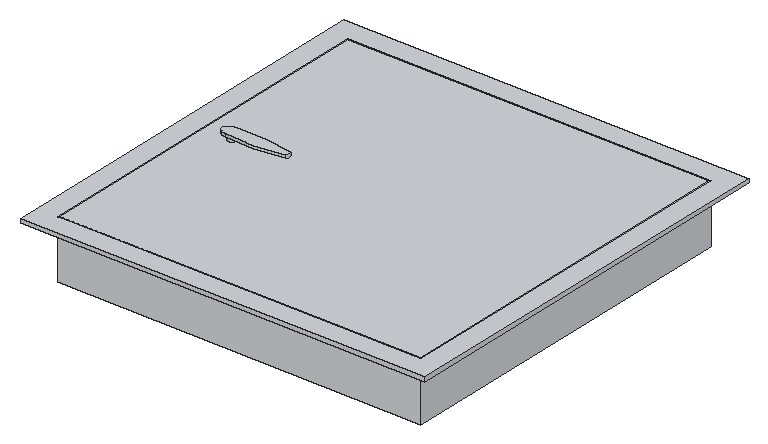
Revit family "FHA-FHG", category Generic Models, host Face, Revit 2026
Family settings
  Host = Face
  Can host rebar = No
  Round Connector Dimension = Use Diameter
  Part Type = Normal
  Cut with Voids When Loaded = No
  Maintain Annotation Orientation = No
  Shared = No
  Room Calculation Point = No
Parameters (values of type "FHA, FHG-24"x24"")
  Width = 2' - 0"
  URL = "WWW.MIFAB.COM"
  Model = "FHA, FHG"
  Material = none
  Manufacturer = "MIFAB"
  Height = 2' - 0"
  Description = "FLOOR ACCESS DOOR"
  Default Elevation = 4' - 0"
Types (13): name | Width | Height
  (no name) | 2' - 0" | 2' - 0"
  FHA, FHG-24"x24" | 2' - 0" | 2' - 0"
  FHA, FHG-24"x30" | 2' - 0" | 2' - 6"
  FHA, FHG-24"x36" | 2' - 0" | 3' - 0"
  FHA, FHG-30"x30" | 2' - 6" | 2' - 6"
  FHA, FHG-30"x36" | 2' - 6" | 3' - 0"
  FHA, FHG-30"x48" | 2' - 6" | 4' - 0"
  FHA, FHG-36"x36" | 3' - 0" | 3' - 0"
  FHA, FHG-36"x48" | 3' - 0" | 4' - 0"
  FHA, FHG-42"x42" | 3' - 6" | 3' - 6"
  FHA, FHG-48"x48" | 4' - 0" | 4' - 0"
  FHA, FHG-48"x72" | 4' - 0" | 6' - 0"
  FHA, FHG-60"x60" | 5' - 0" | 5' - 0"
Reference planes (in)
  plane 1 "Center (Front/Back)": y = 0
  plane 2: z = 0
  plane 3 "Center (Left/Right)": x = 0
  plane 4: x = -10.75
  plane 5: x = 10.75
  plane 6: y = 10.75
  plane 7: y = -10.75
  plane 8: x = -12
  plane 9: x = 12
  plane 10: y = -12
  plane 11: y = 12
  plane 12: z = -3.76378
  plane 13: z = 0.23622
  plane 14: z = 0.10148
  plane 15: z = -3.26378
  plane 16: y = 10.70605
  plane 17: y = -10.71063
  plane 18: x = -10.71063
  plane 19: x = 10.71063
  plane 20: z = 0
Forms (in)
  Extrusion 1, solid, material <- "Material"
    sketch origin (0, 0, 0) x (1, 0, 0) y (0, 1, 0)
      loop
        line (-10.75, 10.75) -> (-10.75, -10.75) -> (10.75, -10.75) -> (10.75, 10.75) -> (-10.75, 10.75)
      loop
        line (10.71063, 10.70605) -> (-10.71063, 10.70605) -> (-10.71063, -10.71063) -> (10.71063, -10.71063) -> (10.71063, 10.70605)
    from -3.26378 to 0
  Extrusion 2, void
    sketch origin (0, 0, 0) x (1, 0, 0) y (0, 1, 0)
      loop
        line (-11, 11) -> (-11, -11) -> (11, -11) -> (11, 11) -> (-11, 11)
    from -3.26378 to 0.23622
  Extrusion 3, solid, material <- "Material"
    sketch origin (0, 0, 0) x (1, 0, 0) y (0, 1, 0)
      loop
        line (-10.71063, 10.70605) -> (-10.71063, -10.71063) -> (10.71063, -10.71063) -> (10.71063, 10.70605) -> (-10.71063, 10.70605)
    from 0 to 0.23622
  Extrusion 4, solid, material <- "Material"
    sketch origin (0, 0, 0) x (1, 0, 0) y (0, 1, 0)
      loop
        line (-10.75, 10.75) -> (-10.75, -10.75) -> (10.75, -10.75) -> (10.75, 10.75) -> (-10.75, 10.75)
      loop
        line (12, 12) -> (-12, 12) -> (-12, -12) -> (12, -12) -> (12, 12)
    from 0 to 0.23622
Dimensions and locks (in)
  equal spacing: plane 10, plane 1 "Center (Front/Back)", plane 11
  locked: plane 11 to plane 6 at 1.25
  locked: plane 7 to plane 10 at 1.25
  "Height": plane 10 to plane 11
  equal spacing: plane 8, plane 3 "Center (Left/Right)", plane 9
  "Width": plane 8 to plane 9
  locked: plane 8 to plane 4 at 1.25
  locked: plane 5 to plane 9 at 1.25
  locked: plane 7 to Extrusion 1 sketch curve at 0.03937
  locked: plane 6 to Extrusion 1 sketch curve at 0.04395
  locked: Extrusion 1 sketch curve to plane 5 at 0.03937
  locked: plane 4 to Extrusion 1 sketch curve at 0.03937
  locked: plane 13 to plane 2 at 0.23622
  locked: plane 13 to plane 14 at 0.13474
  locked: plane 13 to plane 15 at 3.5
  locked: plane 6 to plane 16 at 0.04395
  locked: plane 7 to plane 17 at 0.03937
  locked: plane 4 to plane 18 at 0.03937
  locked: plane 19 to plane 5 at 0.03937
  locked: Extrusion 4 to plane 20 at 0.23622
  locked: Extrusion 2 sketch curve to plane 4 at 0.25
  locked: Extrusion 2 sketch curve to plane 6 at 0.25
  locked: Extrusion 2 sketch curve to plane 7 at 0.25
  locked: plane 5 to Extrusion 2 sketch curve at 0.25
  locked: Extrusion 4 to plane 15 at 3.5
  Extrusion 4 to Extrusion 3 = 0' - 0.23622"
  locked: plane 8 to nested 1 at 3
  aligned and locked: plane 2 to host face
  aligned and locked: level to host face
  aligned and locked: Extrusion 1 sketch curve to plane 4
  aligned and locked: Extrusion 1 sketch curve to plane 6
  aligned and locked: plane 5 to Extrusion 1 sketch curve
  aligned and locked: plane 7 to Extrusion 1 sketch curve
  aligned and locked: Extrusion 4 sketch curve to plane 4
  aligned and locked: plane 5 to Extrusion 4 sketch curve
  aligned and locked: plane 7 to Extrusion 4 sketch curve
  aligned and locked: Extrusion 4 sketch curve to plane 6
  aligned and locked: plane 9 to Extrusion 4 sketch curve
  aligned and locked: Extrusion 4 sketch curve to plane 8
  aligned and locked: Extrusion 4 sketch curve to plane 10
  aligned and locked: Extrusion 4 to plane 2
  aligned and locked: plane 13 to Extrusion 4
  aligned and locked: level to Extrusion 1
  aligned and locked: Extrusion 1 to plane 15
  aligned and locked: Extrusion 3 sketch curve to plane 19
  aligned and locked: Extrusion 3 sketch curve to plane 16
  aligned and locked: Extrusion 3 sketch curve to plane 18
  aligned and locked: plane 17 to Extrusion 3 sketch curve
  aligned and locked: Extrusion 2 to Extrusion 1
  aligned and locked: plane 13 to Extrusion 2
  aligned and locked: Extrusion 3 to plane 20
  aligned and locked: plane 13 to Extrusion 3
  aligned and locked: nested 1 to plane 1 "Center (Front/Back)"
Automatic sketch dimensions
  host sketch curve to host sketch curve = 8' - 0"  (x2)
  plane 11 to Extrusion 4 sketch curve = 0' - 0"
Nested families (in)
  nested 1: "Handle" at (-9, 0, 0.23622) x (-1, 0, 0) z (0, 0, 1), type "Handle"
Definition of nested family "Handle"
  Parameters (values of type "Handle")
    Material = none
    Default Elevation = 4' - 0"
  Reference planes (in)
    plane 1 "Center (Front/Back)": y = 0
    plane 2: z = 0
    plane 3 "Center (Left/Right)": x = 0
  Forms (in)
    Extrusion 1, solid
      sketch origin (0, 0, 0) x (1, 0, 0) y (0, 1, 0)
        loop
          line (-48, 48) -> (-48, -48) -> (48, -48) -> (48, 48) -> (-48, 48)
      from 0 to -12
    Extrusion 2, solid, material <- "Material"
      sketch origin (-3.78692, 0, -0.19685) x (1, 0, 0) y (0, 1, 0)
        loop
          arc (0.52095, 0.14651) -> (0.40271, 0) -> (0.52095, -0.14651) r 0.14989
          arc (0.52095, -0.14651) -> (2.19522, -0.38905) -> (3.88693, -0.39932) r 12.28754
          arc (3.88693, -0.39932) -> (4.13445, -0.33467) -> (4.33953, -0.18174) r 0.66811
          arc (4.33953, -0.18174) -> (4.40975, 0) -> (4.33953, 0.18174) r 0.2703
          arc (4.33953, 0.18174) -> (4.13445, 0.33467) -> (3.88693, 0.39932) r 0.66811
          arc (3.88693, 0.39932) -> (2.19522, 0.38905) -> (0.52095, 0.14651) r 12.28754
      from 0.43977 to 0.60169
    Extrusion 3, solid, material <- "Material"
      sketch origin (-3.78692, 0, -0.19685) x (1, 0, 0) y (0, 1, 0)
        loop
          circle (3.78692, 0) r 0.25
      from 0.19685 to 0.43977
  Dimensions and locks (in)
    aligned and locked: plane 2 to Extrusion 1
    aligned and locked: level to Extrusion 1
    aligned and locked: Extrusion 3 to level
